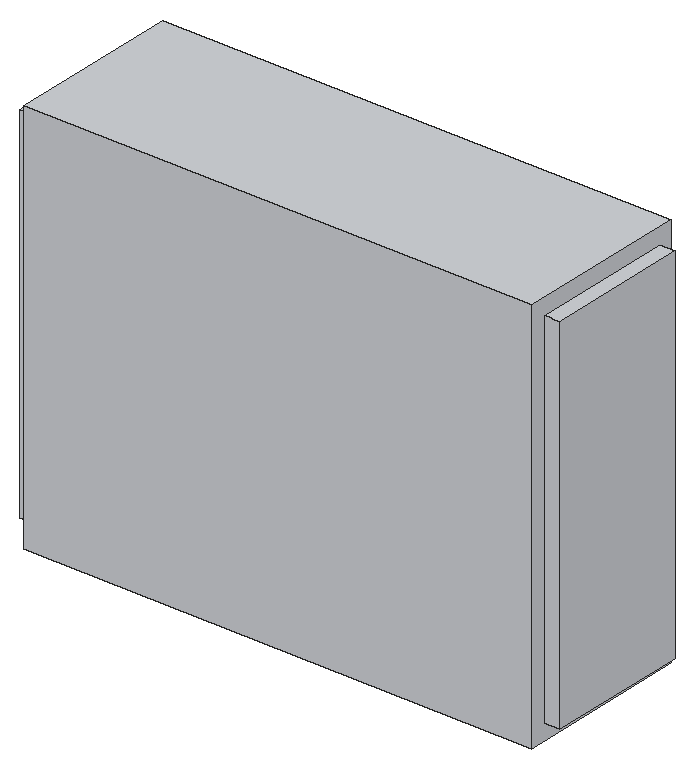
Revit family "a996183a33164b5c85d605a5d4d9b088", category Duct Accessories, Revit 2021
Family settings
  Round Connector Dimension = Use Diameter
  Part Type = Breaks Into
  OmniClass Number = 23.75.50.17.11
  OmniClass Title = Air Filters
  Seek Item ID = Filter - Panel - Flat-0000-USA-ENU
  Work Plane-Based = No
  Always vertical = Yes
  Cut with Voids When Loaded = No
  Shared = No
Parameters (values of type "32"x25"")
  Pressure Drop [instance] = 0.12 in-wg
  Half Filter Length = Filter Length / 2  # 1' - 4"
  Half Filter Height = Filter Height / 2  # 1' - 0 1/2"
  Flat Filter Material = none
  Filter Width = 0' - 11"
  Filter Length = Duct Width  # 2' - 8"
  Filter Height = Duct Height  # 2' - 1"
  Duct Width = 32"
  Duct Height = 25"
  Default Elevation = 0' - 0"
  Air Velocity [instance] = 500 FPM
  Air Flow [instance] = Air Velocity * Duct Width * Duct Height  # 2777.78 CFM
Types (17): name | Pressure Drop | Half Filter Length | Half Filter Height | Filter Width | Filter Length | Filter Height | Duct Width | Duct Height | Air Flow
  (no name) | 0.12 in-wg | 1' - 4" | 1' - 0 1/2" | 0' - 11" | 2' - 8" | 2' - 1" | 32" | 25" | 2777.78 CFM
  32"x25" | 0.12 in-wg | 1' - 4" | 1' - 0 1/2" | 0' - 11" | 2' - 8" | 2' - 1" | 32" | 25" | 2777.78 CFM
  44"x28" | 0.12 in-wg | 1' - 10" | 1' - 2" | 1' - 0" | 3' - 8" | 2' - 4" | 44" | 28" | 4277.78 CFM
  48"x32" | 0.21 in-wg | 2' - 0" | 1' - 4" | 1' - 0" | 4' - 0" | 2' - 8" | 48" | 32" | 5333.33 CFM
  60"x24" | 0.17 in-wg | 2' - 6" | 1' - 5" | 1' - 0" | 5' - 0" | 2' - 10" | 60" | 34" | 7083.33 CFM
  64"x38" | 0.09 in-wg | 2' - 8" | 1' - 7" | 1' - 0" | 5' - 4" | 3' - 2" | 64" | 38" | 8444.44 CFM
  68"x40" | 0.12 in-wg | 2' - 10" | 1' - 8" | 1' - 0" | 5' - 8" | 3' - 4" | 68" | 40" | 9444.44 CFM
  74"x44" | 0.09 in-wg | 3' - 1" | 1' - 10" | 1' - 0" | 6' - 2" | 3' - 8" | 74" | 44" | 11305.6 CFM
  76"x56" | 0.14 in-wg | 3' - 2" | 2' - 1" | 1' - 0" | 6' - 4" | 4' - 2" | 76" | 50" | 13194.4 CFM
  78"x56" | 0.14 in-wg | 3' - 3" | 2' - 4" | 1' - 0" | 6' - 6" | 4' - 8" | 78" | 56" | 15166.7 CFM
  92"x56" | 0.15 in-wg | 3' - 10" | 2' - 4" | 1' - 0" | 7' - 8" | 4' - 8" | 92" | 56" | 17888.9 CFM
  96"x62" | 0.05 in-wg | 4' - 0" | 2' - 7" | 1' - 0" | 8' - 0" | 5' - 2" | 96" | 62" | 20666.7 CFM
  110"x62" | 0.06 in-wg | 4' - 7" | 2' - 7" | 1' - 0" | 9' - 2" | 5' - 2" | 110" | 62" | 23680.6 CFM
  120"x74" | 0.07 in-wg | 5' - 0" | 3' - 1" | 1' - 4" | 10' - 0" | 6' - 2" | 120" | 74" | 30833.3 CFM
  138"x92" | 0.075 in-wg | 5' - 9" | 3' - 10" | 1' - 4" | 11' - 6" | 7' - 8" | 138" | 92" | 44083.3 CFM
  138"x110" | 0.079 in-wg | 5' - 9" | 4' - 7" | 1' - 4" | 11' - 6" | 9' - 2" | 138" | 110" | 52708.3 CFM
  152"x120" | 0.085 in-wg | 6' - 4" | 5' - 0" | 1' - 4" | 12' - 8" | 10' - 0" | 152" | 120" | 63333.3 CFM
Reference planes (in)
  plane 1 "Center (Front/Back)": y = 0
  plane 2: z = 0
  plane 3 "Center (Left/Right)": x = 0
  plane 4: x = -16
  plane 5: x = 16
  plane 6: y = 5.5
  plane 7: y = -5.5
  plane 8: x = -17
  plane 9: x = 17
  plane 10: z = 12.5
  plane 11: z = -12.5
  plane 12: z = 11.5
  plane 13: y = 4.5
  plane 14: y = -4.5
  plane 15: z = -11.5
Forms (in)
  Extrusion 1, solid, material <- "Flat Filter Material"
    sketch origin (0, 0, 0) x (1, 0, 0) y (0, 1, 0)
      loop
        line (-16, 5.5) -> (-16, -5.5) -> (16, -5.5) -> (16, 5.5) -> (-16, 5.5)
    from -12.5 to 12.5
  Extrusion 2, solid, material <- "Flat Filter Material"
    sketch origin (0, 0, 0) x (0, 1, 0) y (0, 0, 1)
      loop
        line (4.5, 11.5) -> (-4.5, 11.5) -> (-4.5, -11.5) -> (4.5, -11.5) -> (4.5, 11.5)
    from 16 to 17
  Extrusion 3, solid, material <- "Flat Filter Material"
    sketch origin (0, 0, 0) x (0, 1, 0) y (0, 0, 1)
      loop
        line (4.5, 11.5) -> (-4.5, 11.5) -> (-4.5, -11.5) -> (4.5, -11.5) -> (4.5, 11.5)
    from -17 to -16
Dimensions and locks (in)
  equal spacing: plane 6, plane 1 "Center (Front/Back)", plane 7
  "Filter Width": plane 6 to plane 7
  locked: plane 8 to plane 4 at 1
  locked: plane 5 to plane 9 at 1
  locked: plane 12 to plane 10 at 1
  locked: plane 6 to plane 13 at 1
  locked: plane 14 to plane 7 at 1
  locked: plane 15 to plane 11 at 1
  "Half Filter Length": plane 4 to plane 3 "Center (Left/Right)"
  "Half Filter Length": plane 3 "Center (Left/Right)" to plane 5
  "Half Filter Height": plane 10 to plane 2
  "Half Filter Height": plane 2 to plane 11
  aligned and locked: plane 4 to Extrusion 1 sketch curve
  aligned and locked: Extrusion 1 sketch curve to plane 6
  aligned and locked: plane 7 to Extrusion 1 sketch curve
  aligned and locked: Extrusion 1 sketch curve to plane 5
  aligned and locked: plane 10 to Extrusion 1
  aligned and locked: Extrusion 1 to plane 11
  aligned and locked: plane 13 to Extrusion 2 sketch curve
  aligned and locked: Extrusion 2 sketch curve to plane 12
  aligned and locked: plane 15 to Extrusion 2 sketch curve
  aligned and locked: Extrusion 2 sketch curve to plane 14
  aligned and locked: plane 9 to Extrusion 2
  aligned and locked: Extrusion 2 to plane 5
  aligned and locked: Extrusion 3 sketch curve to Extrusion 2  (x3)
  aligned and locked: Extrusion 2 to Extrusion 3 sketch curve
  aligned and locked: Extrusion 3 to plane 8
  aligned and locked: plane 4 to Extrusion 3
Connectors (in)
  hvac at (0, -5.5, 0), driven by "Duct Height", driven by "Duct Width", driven by "Pressure Drop", driven by "Air Flow"
    settings: on Extrusion 1, index 1, duct flow 2777.78 CFM, flow factor 0, pres drop 0.12 in-wg, loss coef 0, conn angle 0.00°, conn width 32", conn height 25", conn diameter 24", duct sys type 29, conn prof type 1, flow config 0, flow direction 0, loss method 4, conn ref index 2, conn util no, is conn primary yes, conn desc ""
  hvac at (0, 5.5, 0), driven by "Duct Height", driven by "Duct Width", driven by "Air Flow"
    settings: on Extrusion 1, index 2, duct flow 2777.78 CFM, flow factor 0, pres drop 0.00 in-wg, loss coef 0, conn angle 0.00°, conn width 32", conn height 25", conn diameter 24", duct sys type 29, conn prof type 1, flow config 0, flow direction 0, loss method 0, conn ref index 1, conn util no, is conn primary no, conn desc ""
